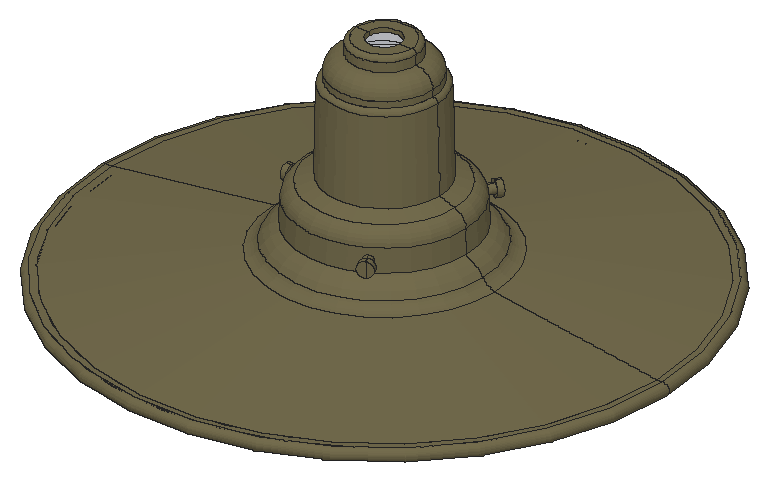
Revit family "S2H8 SHADE", category Lighting Fixtures, Revit 2024
Family settings
  Round Connector Dimension = Use Diameter
  Part Type = Normal
  OmniClass Number = 23.80.70.00
  OmniClass Title = Lighting
  Work Plane-Based = No
  Always vertical = Yes
  Cut with Voids When Loaded = No
  Light Source = Yes
  Maintain Annotation Orientation = No
  Shared = No
  Room Calculation Point = No
Parameters
  Wattage = 12.1178 W
  built-in parameter 1150110 = 1 (stored number, unit not read)
  built-in parameter 1114217 = 1 (stored number, unit not read)
  built-in parameter 1150109 = 1 (stored number, unit not read)
  built-in parameter 1150134 = (empty or 0)
  built-in parameter 1150113 = 1 (stored number, unit not read)
  Lumens = 1800 lm
  built-in parameter 1150115 = 1 (stored number, unit not read)
  built-in parameter 1150105 = 572.96 (stored number, unit not read)
  Light Source Symbol Size = 2' - 0"
  built-in parameter 1150137 = (empty or 0)
  built-in parameter 1150139 = (empty or 0)
  built-in parameter 1150112 = 1 (stored number, unit not read)
  built-in parameter 1150114 = 1 (stored number, unit not read)
  built-in parameter 1150132 = 2
  built-in parameter 1150102 = (empty or 0)
  built-in parameter 1150138 = (empty or 0)
  built-in parameter 1150107 = 3000 (stored number, unit not read)
  built-in parameter 1150106 = 5.7296 (stored number, unit not read)
  built-in parameter 1150104 = 13.8 (stored number, unit not read)
  Dimming Lamp Color Temperature Shift = (empty or 0)
  Default Elevation = 0' - 0"
  Color Filter = 16777215
  built-in parameter 1114218 = 1 (stored number, unit not read)
  built-in parameter 1150133 = 10 (stored number, unit not read)
Reference planes (in)
  plane 1 "Light Source Axis (F/B)": y = 0
  plane 2: z = 0
  plane 3 "Light Source Axis (L/R)": x = 0
  plane 4 "Light Source Elevation": z = 84
Forms (in)
  Revolve 1, solid
    sketch origin (0, 0, -1.375) x (1, 0, 0) y (0, 0, 1)
      loop
        line (-0.25, 88.89486) -> (-0.43, 88.89486)
        arc (-0.43, 88.89486) -> (-0.4795, 88.87436) -> (-0.5, 88.82486) r 0.07
        line (-0.5, 88.82486) -> (-0.5, 88.68486)
        arc (-0.5, 88.68486) -> (-0.68708, 88.60737) -> (-0.76457, 88.42029) r 0.26457
        line (-0.76457, 88.42029) -> (-0.76457, 88.32449)
        arc (-0.76457, 88.32449) -> (-0.81932, 88.30181) -> (-0.842, 88.24706) r 0.07743
        line (-0.842, 88.24706) -> (-0.875, 86.96486) -> (-1.12093, 86.87535)
        arc (-1.12093, 86.87535) -> (-1.24281, 86.78351) -> (-1.2925, 86.6392) r 0.261
        line (-1.2925, 86.6392) -> (-1.30461, 86.29236) -> (-1.24207, 86.29236) -> (-1.23004, 86.63702)
        arc (-1.23004, 86.63702) -> (-1.19225, 86.74677) -> (-1.09955, 86.81662) r 0.1985
        line (-1.09955, 86.81662) -> (-0.81362, 86.92069) -> (-0.77952, 88.24546)
        arc (-0.77952, 88.24546) -> (-0.72476, 88.26814) -> (-0.70207, 88.3229) r 0.07745
        line (-0.70207, 88.3229) -> (-0.70207, 88.42029)
        arc (-0.70207, 88.42029) -> (-0.61875, 88.58379) -> (-0.4375, 88.61246) r 0.20207
        line (-0.4375, 88.61246) -> (-0.4375, 88.83236) -> (-0.25, 88.83236) -> (-0.25, 88.89486)
      axis (0, 88.89486) -> (0, 86.29236)
    angle from 0 to 360
  Revolve 2, solid
    sketch origin (0, 0, -1.375) x (1, 0, 0) y (0, 0, 1)
      loop
        line (-1.54717, 86.46501) -> (-1.30016, 86.46501) -> (-1.30016, 86.53518) -> (-1.46388, 86.53518) -> (-1.46388, 86.58194) -> (-1.54717, 86.58194) -> (-1.54717, 86.46501)
      axis (-1.30016, 86.46501) -> (-1.54717, 86.46501)
    angle from 0 to 360
  Revolve 3, solid
    sketch origin (0, 0, -1.375) x (-0.5, -0.866025, 0) y (0, 0, 1)
      loop
        line (-1.54717, 86.46501) -> (-1.30016, 86.46501) -> (-1.30016, 86.53518) -> (-1.46388, 86.53518) -> (-1.46388, 86.58194) -> (-1.54717, 86.58194) -> (-1.54717, 86.46501)
      axis (-1.30016, 86.46501) -> (-1.54717, 86.46501)
    angle from 0 to 360
  Revolve 4, solid
    sketch origin (0, 0, -1.375) x (-0.5, 0.866025, 0) y (0, 0, 1)
      loop
        line (-1.54717, 86.46501) -> (-1.30016, 86.46501) -> (-1.30016, 86.53518) -> (-1.46388, 86.53518) -> (-1.46388, 86.58194) -> (-1.54717, 86.58194) -> (-1.54717, 86.46501)
      axis (-1.30016, 86.46501) -> (-1.54717, 86.46501)
    angle from 0 to 360
  Revolve 5, solid
    sketch origin (0, 0, 0) x (1, 0, 0) y (0, 0, 1)
      loop
        line (-4.31253, 84.09149) -> (-1.73926, 84.44769)
        arc (-1.73926, 84.44769) -> (-1.59115, 84.50436) -> (-1.48312, 84.62045) r 0.35089
        arc (-1.48312, 84.62045) -> (-1.36862, 84.74987) -> (-1.21234, 84.82361) r 0.42897
        line (-1.21234, 84.82361) -> (-0.97299, 84.82361) -> (-0.97299, 84.91736) -> (-1.22299, 84.91736)
        arc (-1.22299, 84.91736) -> (-1.42016, 84.82837) -> (-1.56441, 84.66716) r 0.52272
        arc (-1.56441, 84.66716) -> (-1.64358, 84.58209) -> (-1.75211, 84.54055) r 0.25714
        line (-1.75211, 84.54055) -> (-4.30269, 84.1875) -> (-4.40625, 84.1875)
        arc (-4.40625, 84.1875) -> (-4.47333, 84.02826) -> (-4.31253, 84.09149) r 0.09375
      axis (0, 84.91736) -> (0, 84.09149)
    angle from 0 to 360
Dimensions and locks (in)
  aligned and locked: plane 3 "Light Source Axis (L/R)" to imposter light
  aligned and locked: plane 1 "Light Source Axis (F/B)" to imposter light
  aligned and locked: plane 4 "Light Source Elevation" to imposter light
  aligned and locked: level to plane 2
